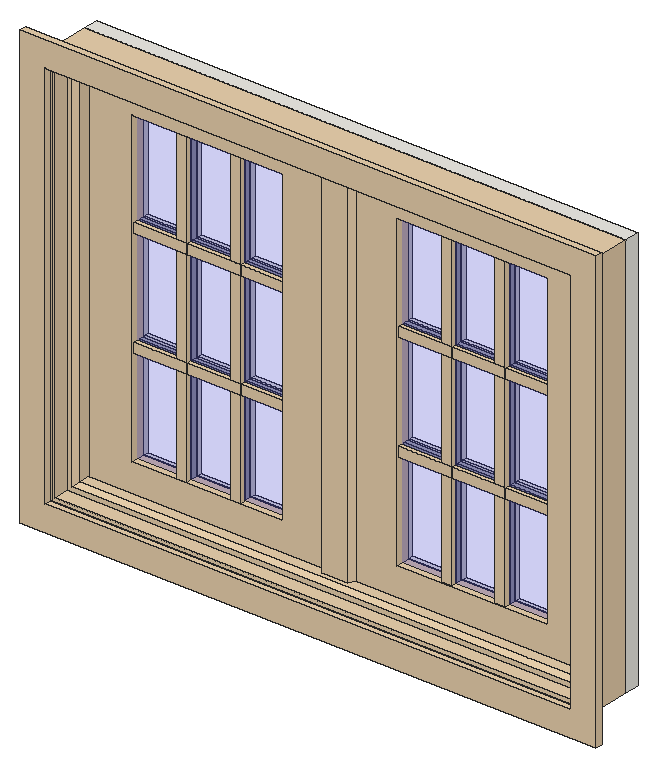
Revit family "Window-Door_Transom-Andersen-400_Series-Double 6", category Windows, host Wall, Revit 2013 (continued)
Dimensions and locks (in)
  aligned and locked: curve 42 to plane 4 "R Frame"
  aligned and locked: plane 50 "Frame S1" to curve 43
  aligned and locked: plane 5 "L Frame" to curve 43
  aligned and locked: Masking region 3 sketch curve to host wall
  aligned and locked: plane 32 "T Xjamb 1" to Extrusion 3 sketch curve
  aligned and locked: plane 34 "T Xjamb 2" to Extrusion 3 sketch curve
  aligned and locked: Extrusion 3 sketch curve to plane 21 "R Xjamb 1"
  aligned and locked: Extrusion 3 sketch curve to plane 23 "R Xjamb 2"
  aligned and locked: plane 11 "L Xjamb 1" to Extrusion 3 sketch curve
  aligned and locked: plane 13 "L Xjamb 2" to Extrusion 3 sketch curve
  aligned and locked: Extrusion 3 sketch curve to plane 59 "B Xjamb 1"
  aligned and locked: Extrusion 3 sketch curve to plane 43 "B Xjamb 2"
  aligned and locked: plane 32 "T Xjamb 1" to Extrusion 4 sketch curve
  aligned and locked: plane 39 "T Int Casing" to Extrusion 4 sketch curve
  aligned and locked: Extrusion 4 sketch curve to plane 21 "R Xjamb 1"
  aligned and locked: Extrusion 4 sketch curve to plane 28 "R Int Casing"
  aligned and locked: plane 11 "L Xjamb 1" to Extrusion 4 sketch curve
  aligned and locked: plane 47 "L Int Casing" to Extrusion 4 sketch curve
  aligned and locked: Extrusion 4 sketch curve to plane 59 "B Xjamb 1"
  aligned and locked: Extrusion 4 sketch curve to plane 46 "B Int Casing"
  aligned and locked: Extrusion 4 to host wall
  aligned and locked: Extrusion 4 to plane 61 "Interior Casing"
  aligned and locked: plane 45 "B Casing 2" to Extrusion 5 sketch curve
  aligned and locked: plane 45 "B Casing 2" to Sweep 6 sketch curve  (x2)
  aligned and locked: plane 17 "L Casing 4" to Sweep 6 sketch curve  (x2)
  aligned and locked: Sweep 6 sketch curve to plane 27 "R Casing 4"
  aligned and locked: plane 38 "T Casing 4" to Sweep 6 sketch curve
  aligned and locked: plane 16 "L Casing 3" to Sweep 6 sketch curve
  aligned and locked: plane 49 "Casing S2" to Sweep 6 sketch curve
  aligned and locked: Sweep 6 sketch curve to plane 48 "Casing S1"
  aligned and locked: plane 51 "Flange" to Sweep 6 sketch curve
  aligned and locked: Sweep 6 sketch curve to plane 12 "L Casing 1"
  aligned and locked: Sweep 6 sketch curve to plane 49 "Casing S2"
  aligned and locked: plane 15 "L Casing 2" to Sweep 6 sketch curve
  aligned and locked: Extrusion 5 to plane 17 "L Casing 4"
  aligned and locked: plane 27 "R Casing 4" to Extrusion 5
  aligned and locked: plane 33 "T Casing 1" to Extrusion 7 sketch curve
  aligned and locked: plane 38 "T Casing 4" to Extrusion 7 sketch curve
  aligned and locked: plane 12 "L Casing 1" to Extrusion 7 sketch curve
  aligned and locked: plane 17 "L Casing 4" to Extrusion 7 sketch curve
  aligned and locked: Extrusion 7 sketch curve to plane 22 "R Casing 1"
  aligned and locked: Extrusion 7 sketch curve to plane 27 "R Casing 4"
  aligned and locked: Extrusion 7 sketch curve to plane 45 "B Casing 2"
  aligned and locked: plane 48 "Casing S1" to Extrusion 7
  aligned and locked: plane 51 "Flange" to Extrusion 7
  aligned and locked: plane 8 "L Glazing" to Extrusion 8 sketch curve
  aligned and locked: plane 29 "T Glazing" to Extrusion 8 sketch curve  (x2)
  aligned and locked: plane 52 "Glass1 S1" to Extrusion 8
  aligned and locked: Extrusion 8 to plane 56 "Sash1 S2"
  aligned and locked: Extrusion 9 sketch curve to plane 8 "L Glazing"
  aligned and locked: Extrusion 9 sketch curve to plane 29 "T Glazing"
  aligned and locked: Extrusion 9 to plane 52 "Glass1 S1"
  aligned and locked: plane 29 "T Glazing" to Extrusion 10 sketch curve  (x2)
  aligned and locked: plane 8 "L Glazing" to Extrusion 10 sketch curve
  aligned and locked: plane 52 "Glass1 S1" to Extrusion 10
  aligned and locked: Extrusion 10 to plane 55 "Glass1 S4"
  aligned and locked: nested 1 to plane 29 "T Glazing"
  aligned and locked: plane 8 "L Glazing" to nested 2
  aligned and locked: nested 3 to plane 29 "T Glazing"
  aligned and locked: plane 8 "L Glazing" to nested 4
  aligned and locked: nested 5 to plane 29 "T Glazing"
  aligned and locked: plane 8 "L Glazing" to nested 6
  aligned and locked: plane 8 "L Glazing" to nested 7
  aligned and locked: Extrusion 5 sketch curve to plane 51 "Flange"
  aligned and locked: host wall to Masking region 11 sketch curve
  aligned and locked: plane 4 "R Frame" to Masking region 11 sketch curve
  aligned and locked: Masking region 11 sketch curve to plane 5 "L Frame"
  aligned and locked: plane 60 "Exterior Offset" to Masking region 11 sketch curve
  aligned and locked: plane 27 "R Casing 4" to Masking region 11 sketch curve
  aligned and locked: Masking region 11 sketch curve to plane 17 "L Casing 4"
  aligned and locked: plane 20 "R Int Frame1" to curve 14
  aligned and locked: curve 19 to plane 20 "R Int Frame1"
  aligned and locked: curve 20 to plane 10 "L Int Frame1"
  aligned and locked: plane 10 "L Int Frame1" to curve 18
  aligned and locked: plane 7 "T Frame" to curve 45
  aligned and locked: curve 45 to plane 51 "Flange"
  aligned and locked: Masking region 12 sketch curve to plane 23 "R Xjamb 2"
  aligned and locked: plane 13 "L Xjamb 2" to Masking region 12 sketch curve
  aligned and locked: host wall to Masking region 13 sketch curve
  aligned and locked: plane 47 "L Int Casing" to Masking region 13 sketch curve
  aligned and locked: plane 61 "Interior Casing" to Masking region 13 sketch curve
  aligned and locked: Masking region 13 sketch curve to plane 28 "R Int Casing"
  aligned and locked: plane 21 "R Xjamb 1" to curve 56
  aligned and locked: host wall to curve 57
  aligned and locked: plane 61 "Interior Casing" to curve 57
  aligned and locked: plane 21 "R Xjamb 1" to curve 57
  aligned and locked: plane 11 "L Xjamb 1" to curve 58
  aligned and locked: host wall to curve 59
  aligned and locked: plane 61 "Interior Casing" to curve 59
  aligned and locked: plane 11 "L Xjamb 1" to curve 59
  aligned and locked: Masking region 14 sketch curve to plane 43 "B Xjamb 2"
  aligned and locked: plane 34 "T Xjamb 2" to Masking region 14 sketch curve
  aligned and locked: host wall to Masking region 15 sketch curve
  aligned and locked: Masking region 15 sketch curve to plane 46 "B Int Casing"
  aligned and locked: plane 61 "Interior Casing" to Masking region 15 sketch curve
  aligned and locked: plane 39 "T Int Casing" to Masking region 15 sketch curve
  aligned and locked: plane 59 "B Xjamb 1" to curve 62
  aligned and locked: host wall to curve 63
  aligned and locked: plane 61 "Interior Casing" to curve 63
  aligned and locked: plane 59 "B Xjamb 1" to curve 63
  aligned and locked: plane 32 "T Xjamb 1" to curve 60
  aligned and locked: host wall to curve 61
  aligned and locked: plane 61 "Interior Casing" to curve 61
  aligned and locked: plane 32 "T Xjamb 1" to curve 61
  aligned and locked: plane 4 "R Frame" to curve 64
  aligned and locked: plane 5 "L Frame" to curve 64
  aligned and locked: host wall to curve 64
  aligned and locked: plane 68 "Xjamb S1" to curve 58
  aligned and locked: plane 68 "Xjamb S1" to curve 56
  aligned and locked: Masking region 12 sketch curve to host wall
  aligned and locked: Masking region 12 sketch curve to plane 68 "Xjamb S1"
  aligned and locked: plane 68 "Xjamb S1" to curve 60
  aligned and locked: plane 68 "Xjamb S1" to curve 62
  aligned and locked: Masking region 14 sketch curve to host wall
  aligned and locked: Masking region 14 sketch curve to plane 68 "Xjamb S1"
  aligned and locked: host wall to Extrusion 3
  aligned and locked: plane 68 "Xjamb S1" to Extrusion 3
  aligned and locked: plane 44 "B Casing 1" to Masking region 5 sketch curve
  aligned and locked: plane 50 "Frame S1" to Extrusion 5 sketch curve
  aligned and locked: plane 44 "B Casing 1" to Extrusion 5 sketch curve
  aligned and locked: Masking region 6 sketch curve to cut or joined group of Extrusion 5, Sweep 6
  aligned and locked: plane 69 "Sash1 S1" to curve 15
  aligned and locked: curve 11 to plane 69 "Sash1 S1"
  aligned and locked: plane 4 "R Frame" to curve 44
  aligned and locked: plane 51 "Flange" to curve 44
  aligned and locked: plane 5 "L Frame" to curve 69
  aligned and locked: curve 69 to plane 51 "Flange"
  aligned and locked: plane 50 "Frame S1" to curve 14
  aligned and locked: plane 50 "Frame S1" to curve 18
  aligned and locked: plane 73 "L Int Frame2" to Extrusion 9 sketch curve
  aligned and locked: Extrusion 9 sketch curve to plane 71 "R Int Frame2"
  aligned and locked: plane 71 "R Int Frame2" to Extrusion 8 sketch curve
  aligned and locked: Extrusion 8 sketch curve to plane 73 "L Int Frame2"
  aligned and locked: Extrusion 11 sketch curve to plane 4 "R Frame"
  aligned and locked: plane 7 "T Frame" to Extrusion 11 sketch curve
  aligned and locked: plane 5 "L Frame" to Extrusion 11 sketch curve
  aligned and locked: Extrusion 11 sketch curve to plane 9 "L Ext Frame1"
  aligned and locked: Extrusion 11 sketch curve to plane 75 "T Ext Frame1"
  aligned and locked: plane 19 "R Ext Frame1" to Extrusion 11 sketch curve
  aligned and locked: plane 50 "Frame S1" to Extrusion 11
  aligned and locked: Extrusion 9 sketch curve to plane 40 "B Glazing"  (x2)
  aligned and locked: plane 40 "B Glazing" to Extrusion 8 sketch curve
  aligned and locked: Extrusion 10 sketch curve to plane 40 "B Glazing"  (x2)
  aligned and locked: plane 75 "T Ext Frame1" to curve 30
  aligned and locked: curve 36 to plane 40 "B Glazing"
  aligned and locked: plane 69 "Sash1 S1" to Extrusion 9
  aligned and locked: plane 6 "B Frame" to curve 153
  aligned and locked: plane 51 "Flange" to curve 153
  aligned and locked: plane 6 "B Frame" to Masking region 4 sketch curve
  aligned and locked: Extrusion 9 sketch curve to plane 42 "B Int Frame2"
  aligned and locked: plane 31 "T Int Frame2" to Extrusion 9 sketch curve
  aligned and locked: Extrusion 8 sketch curve to plane 31 "T Int Frame2"
  aligned and locked: plane 42 "B Int Frame2" to Extrusion 8 sketch curve
  aligned and locked: plane 78 "B Ext Frame1" to Extrusion 11 sketch curve
  aligned and locked: plane 31 "T Int Frame2" to Extrusion 12 sketch curve
  aligned and locked: plane 7 "T Frame" to Extrusion 12 sketch curve
  aligned and locked: plane 73 "L Int Frame2" to Extrusion 12 sketch curve
  aligned and locked: plane 5 "L Frame" to Extrusion 12 sketch curve
  aligned and locked: Extrusion 12 sketch curve to plane 71 "R Int Frame2"
  aligned and locked: Extrusion 12 sketch curve to plane 4 "R Frame"
  aligned and locked: Extrusion 12 sketch curve to plane 42 "B Int Frame2"
  aligned and locked: Extrusion 12 sketch curve to plane 6 "B Frame"
  aligned and locked: plane 69 "Sash1 S1" to Extrusion 12
  aligned and locked: Extrusion 12 to plane 58 "Frame S2"
  aligned and locked: plane 5 "L Frame" to Sweep 13 sketch curve
  aligned and locked: plane 7 "T Frame" to Sweep 13 sketch curve
  aligned and locked: Sweep 13 sketch curve to plane 4 "R Frame"
  aligned and locked: Sweep 13 sketch curve to plane 6 "B Frame"
  aligned and locked: Sweep 13 sketch curve to plane 69 "Sash1 S1"
  aligned and locked: plane 9 "L Ext Frame1" to Sweep 13 sketch curve
  aligned and locked: plane 50 "Frame S1" to Sweep 13 sketch curve
  aligned and locked: Sweep 13 sketch curve to plane 5 "L Frame"
  aligned and locked: plane 70 "Frame S1.1" to Sweep 13 sketch curve
  aligned and locked: Sweep 13 sketch curve to curve 104
  aligned and locked: curve 103 to Sweep 13 sketch curve
  aligned and locked: Extrusion 11 to Sweep 13 sketch curve
  aligned and locked: plane 7 "T Frame" to Sweep 14 sketch curve
  aligned and locked: Sweep 14 sketch curve to plane 4 "R Frame"
  aligned and locked: plane 5 "L Frame" to Sweep 14 sketch curve
  aligned and locked: Sweep 14 sketch curve to plane 6 "B Frame"
  aligned and locked: Sweep 14 sketch curve to curve 110
  aligned and locked: plane 57 "Frame2 S2.1" to Sweep 14 sketch curve  (x2)
  aligned and locked: plane 73 "L Int Frame2" to Sweep 14 sketch curve
  aligned and locked: Sweep 14 sketch curve to plane 56 "Sash1 S2"
  aligned and locked: Sweep 14 sketch curve to plane 10 "L Int Frame1"
  aligned and locked: curve 37 to plane 80 "L Panel R Glazing"
  aligned and locked: plane 80 "L Panel R Glazing" to Extrusion 9 sketch curve
  aligned and locked: plane 29 "T Glazing" to Extrusion 9 sketch curve
  aligned and locked: plane 79 "R Panel L Glazing" to Extrusion 9 sketch curve
  aligned and locked: Extrusion 9 sketch curve to plane 18 "R Glazing"
  aligned and locked: plane 80 "L Panel R Glazing" to Extrusion 8 sketch curve
  aligned and locked: plane 79 "R Panel L Glazing" to Extrusion 8 sketch curve
  aligned and locked: Extrusion 8 sketch curve to plane 18 "R Glazing"
  aligned and locked: nested 8 to plane 29 "T Glazing"
  aligned and locked: plane 79 "R Panel L Glazing" to nested 9
  aligned and locked: plane 79 "R Panel L Glazing" to nested 10
  aligned and locked: plane 79 "R Panel L Glazing" to nested 11
  aligned and locked: plane 79 "R Panel L Glazing" to nested 12
  aligned and locked: Extrusion 10 sketch curve to plane 80 "L Panel R Glazing"
  aligned and locked: plane 79 "R Panel L Glazing" to Extrusion 10 sketch curve
  aligned and locked: Extrusion 10 sketch curve to plane 18 "R Glazing"
  aligned and locked: plane 69 "Sash1 S1" to curve 183
  aligned and locked: plane 79 "R Panel L Glazing" to curve 9
  aligned and locked: plane 80 "L Panel R Glazing" to curve 233
  aligned and locked: plane 8 "L Glazing" to curve 236
  aligned and locked: plane 8 "L Glazing" to curve 235
  aligned and locked: curve 236 to plane 55 "Glass1 S4"
  aligned and locked: curve 235 to plane 54 "Glass1 S3"
  aligned and locked: curve 234 to plane 53 "Glass1 S2"
  aligned and locked: curve 233 to plane 52 "Glass1 S1"
  aligned and locked: Extrusion 15 sketch curve to curve 188
  aligned and locked: Extrusion 15 sketch curve to curve 202
  aligned and locked: Sweep 14 to Extrusion 15 sketch curve
  aligned and locked: Extrusion 15 sketch curve to curve 189
  aligned and locked: curve 182 to Extrusion 16 sketch curve
  aligned and locked: Extrusion 16 sketch curve to curve 198
  aligned and locked: Extrusion 16 sketch curve to curve 176
  aligned and locked: Extrusion 16 sketch curve to plane 69 "Sash1 S1"
  aligned and locked: Extrusion 16 sketch curve to curve 177
  aligned and locked: Extrusion 16 sketch curve to curve 193
  aligned and locked: Extrusion 16 to plane 75 "T Ext Frame1"
  aligned and locked: plane 78 "B Ext Frame1" to Extrusion 16
  aligned and locked: plane 79 "R Panel L Glazing" to curve 238
  aligned and locked: plane 80 "L Panel R Glazing" to curve 237
  aligned and locked: curve 240 to plane 56 "Sash1 S2"
  aligned and locked: curve 239 to plane 69 "Sash1 S1"
  aligned and locked: plane 56 "Sash1 S2" to curve 241
  aligned and locked: plane 69 "Sash1 S1" to curve 241
  aligned and locked: Extrusion 11 to plane 69 "Sash1 S1"
  aligned and locked: Extrusion 15 to plane 76 "T Int Frame1"
  aligned and locked: plane 77 "B Int Frame1" to Extrusion 15
  aligned and locked: plane 79 "R Panel L Glazing" to curve 247
  aligned and locked: curve 248 to plane 40 "B Glazing"
  aligned and locked: curve 249 to plane 18 "R Glazing"
  aligned and locked: plane 29 "T Glazing" to curve 246
  aligned and locked: plane 75 "T Ext Frame1" to curve 250
  aligned and locked: plane 75 "T Ext Frame1" to curve 251
  aligned and locked: plane 84 "R Astragal" to curve 251
  aligned and locked: plane 83 "L Astragal" to curve 250
  aligned and locked: curve 32 to plane 78 "B Ext Frame1"
  aligned and locked: plane 78 "B Ext Frame1" to curve 251
  aligned and locked: plane 78 "B Ext Frame1" to curve 250
  aligned and locked: plane 37 "T Casing 3" to curve 23
  aligned and locked: plane 48 "Casing S1" to curve 23
  aligned and locked: plane 49 "Casing S2" to curve 23
  aligned and locked: plane 36 "T Casing 2" to curve 24
  aligned and locked: curve 5 to plane 49 "Casing S2"
  aligned and locked: plane 48 "Casing S1" to curve 42
  aligned and locked: plane 48 "Casing S1" to curve 43
  aligned and locked: Extrusion 8 sketch curve to plane 40 "B Glazing"
  aligned and locked: nested 13 to plane 29 "T Glazing"
  aligned and locked: nested 14 to plane 29 "T Glazing"
Automatic sketch dimensions
  curve 44 to curve 44 = 0' - 1 1/2"  (x2)
  curve 45 to curve 45 = 0' - 1 1/2"
  curve 46 to curve 46 = 0' - 1 1/2"
  curve 49 to curve 47 = 0' - 0.1105"  (x2)
  curve 65 to curve 65 = 0' - 1 1/2"
  curve 69 to curve 69 = 0' - 1 1/2"
  curve 74 to curve 83 = 0' - 0.358"
  curve 75 to curve 75 = 0' - 0.32099"
  curve 75 to curve 84 = 0' - 0.41231"
  curve 76 to curve 85 = 0' - 0 3/4"
  curve 77 to curve 78 = 0' - 0.062"
  curve 77 to curve 78 = 0' - 0.49469"
  curve 86 to curve 80 = 0' - 1.019"
  curve 79 to curve 80 = 0' - 0.512"
  curve 73 to curve 73 = 0' - 0.955"
  curve 76 to curve 47 = 0' - 0 1/8"
  curve 48 to curve 85 = 0' - 0 1/8"
  curve 81 to curve 81 = 0' - 1.312"
  curve 73 to curve 87 = 0' - 0.06957"
  curve 81 to curve 80 = 0' - 0.4"
  curve 80 to curve 80 = 0' - 0.299"
  curve 73 to curve 74 = 0' - 0.96922"
  curve 74 to curve 83 = 0' - 0.20149"
  curve 74 to curve 118 = 0' - 2.57036"
  curve 118 to curve 78 = 0' - 0.62657"
  curve 84 to curve 75 = 0' - 0.74531"
  curve 78 to curve 77 = 0' - 0.24843"
  curve 75 to curve 84 = 0' - 0.12969"
  curve 73 to curve 73 = 0' - 0.23762"
  curve 49 to curve 76 = 0' - 0 1/8"
  curve 49 to curve 48 = 0' - 0.1105"
  curve 89 to curve 98 = 0' - 0.358"
  curve 90 to curve 90 = 0' - 0.32099"
  curve 90 to curve 99 = 0' - 0.41231"
  curve 91 to curve 100 = 0' - 0 3/4"
  curve 92 to curve 93 = 0' - 0.062"
  curve 92 to curve 93 = 0' - 0.49469"
  curve 101 to curve 95 = 0' - 1.019"
  curve 94 to curve 95 = 0' - 0.512"
  curve 88 to curve 88 = 0' - 0.955"
  curve 91 to curve 66 = 0' - 0 1/8"
  curve 67 to curve 100 = 0' - 0 1/8"
  curve 96 to curve 96 = 0' - 1.312"
  curve 88 to curve 102 = 0' - 0.06957"
  curve 96 to curve 95 = 0' - 0.4"
  curve 95 to curve 95 = 0' - 0.299"
  curve 88 to curve 89 = 0' - 0.96922"
  curve 89 to curve 98 = 0' - 0.20149"
  curve 89 to curve 119 = 0' - 2.57036"
  curve 119 to curve 93 = 0' - 0.62657"
  curve 99 to curve 90 = 0' - 0.74531"
  curve 93 to curve 92 = 0' - 0.24843"
  curve 90 to curve 99 = 0' - 0.12969"
  curve 88 to curve 88 = 0' - 0.23762"
  curve 68 to curve 91 = 0' - 0 1/8"
  curve 68 to curve 66 = 0' - 0.1105"
  curve 68 to curve 67 = 0' - 0.1105"
  curve 113 to curve 104 = 0' - 0.358"
  curve 105 to curve 105 = 0' - 0.32099"
  curve 114 to curve 105 = 0' - 0.41231"
  curve 115 to curve 106 = 0' - 0 3/4"
  curve 108 to curve 107 = 0' - 0.062"
  curve 108 to curve 107 = 0' - 0.49469"
  curve 110 to curve 116 = 0' - 1.019"
  curve 110 to curve 109 = 0' - 0.512"
  curve 103 to curve 103 = 0' - 0.955"
  curve 70 to curve 106 = 0' - 0 1/8"
  curve 115 to curve 71 = 0' - 0 1/8"
  curve 111 to curve 111 = 0' - 1.312"
  curve 103 to curve 117 = 0' - 0.06957"
  curve 111 to curve 110 = 0' - 0.4"
  curve 110 to curve 110 = 0' - 0.299"
  curve 103 to curve 104 = 0' - 0.96922"
  curve 104 to curve 113 = 0' - 0.20149"
  curve 104 to curve 120 = 0' - 2.57036"
  curve 120 to curve 108 = 0' - 0.62657"
  curve 114 to curve 105 = 0' - 0.74531"
  curve 108 to curve 107 = 0' - 0.24843"
  curve 105 to curve 114 = 0' - 0.12969"
  curve 103 to curve 103 = 0' - 0.23762"
  curve 72 to curve 106 = 0' - 0 1/8"
  curve 72 to curve 70 = 0' - 0.1105"
  curve 72 to curve 71 = 0' - 0.1105"
  curve 153 to curve 153 = 0' - 1 1/2"
  curve 127 to curve 126 = 0' - 0.512"
  curve 126 to curve 139 = 0' - 1.019"
  curve 125 to curve 125 = 0' - 0.49419"
  curve 124 to curve 124 = 0' - 0 1/16"
  curve 138 to curve 143 = 0' - 0 3/4"
  curve 123 to curve 123 = 0' - 0.09132"
  curve 137 to curve 122 = 0' - 0.41231"
  curve 122 to curve 135 = 0' - 0.358"
  curve 141 to curve 140 = 0' - 1.312"
  curve 124 to curve 52 = 0' - 0 1/8"
  curve 52 to curve 123 = 0' - 0 1/8"
  curve 121 to curve 121 = 0' - 0.955"
  curve 124 to curve 123 = 0' - 0"
  curve 123 to curve 142 = 0' - 0.13117"
  curve 124 to curve 139 = 0' - 0.2518"
  curve 136 to curve 143 = 0' - 0.74383"
  curve 137 to curve 136 = 0' - 1.19336"
  curve 122 to curve 135 = 0' - 0.20348"
  curve 143 to curve 126 = 0' - 1.5975"
  curve 126 to curve 140 = 0' - 0.299"
  curve 127 to curve 140 = 0' - 0.4"
  curve 122 to curve 121 = 0' - 0.96922"
  curve 124 to curve 51 = 0' - 0"
  curve 50 to curve 123 = 0' - 0"
  curve 51 to curve 52 = 0' - 0 1/8"
  curve 121 to curve 121 = 0' - 0.23811"
  curve 134 to curve 133 = 0' - 0.512"
  curve 133 to curve 148 = 0' - 1.019"
  curve 132 to curve 132 = 0' - 0.49419"
  curve 131 to curve 131 = 0' - 0 1/16"
  curve 147 to curve 152 = 0' - 0 3/4"
  curve 130 to curve 130 = 0' - 0.09132"
  curve 146 to curve 129 = 0' - 0.41231"
  curve 129 to curve 144 = 0' - 0.358"
  curve 150 to curve 149 = 0' - 1.312"
  curve 131 to curve 55 = 0' - 0 1/8"
  curve 55 to curve 130 = 0' - 0 1/8"
  curve 128 to curve 128 = 0' - 0.955"
  curve 131 to curve 130 = 0' - 0"
  curve 130 to curve 151 = 0' - 0.13117"
  curve 131 to curve 148 = 0' - 0.2518"
  curve 145 to curve 152 = 0' - 0.74383"
  curve 146 to curve 145 = 0' - 1.19336"
  curve 129 to curve 144 = 0' - 0.20348"
  curve 152 to curve 133 = 0' - 1.5975"
  curve 133 to curve 149 = 0' - 0.299"
  curve 134 to curve 149 = 0' - 0.4"
  curve 129 to curve 128 = 0' - 0.96922"
  curve 131 to curve 54 = 0' - 0"
  curve 53 to curve 130 = 0' - 0"
  curve 54 to curve 55 = 0' - 0 1/8"
  curve 128 to curve 128 = 0' - 0.23811"
  curve 163 to curve 162 = 0' - 0.512"
  curve 162 to curve 168 = 0' - 1.019"
  curve 161 to curve 161 = 0' - 0.49419"
  curve 160 to curve 160 = 0' - 0 1/16"
  curve 167 to curve 172 = 0' - 0 3/4"
  curve 159 to curve 159 = 0' - 0.09132"
  curve 166 to curve 158 = 0' - 0.41231"
  curve 158 to curve 164 = 0' - 0.358"
  curve 170 to curve 169 = 0' - 1.312"
  curve 160 to curve 156 = 0' - 0 1/8"
  curve 156 to curve 159 = 0' - 0 1/8"
  curve 157 to curve 157 = 0' - 0.955"
  curve 160 to curve 159 = 0' - 0"
  curve 171 to curve 159 = 0' - 0.13117"
  curve 168 to curve 160 = 0' - 0.2518"
  curve 172 to curve 165 = 0' - 0.74383"
  curve 165 to curve 166 = 0' - 1.19336"
  curve 164 to curve 158 = 0' - 0.20348"
  curve 162 to curve 172 = 0' - 1.5975"
  curve 169 to curve 162 = 0' - 0.299"
  curve 169 to curve 163 = 0' - 0.4"
  curve 157 to curve 158 = 0' - 0.96922"
  curve 160 to curve 155 = 0' - 0"
  curve 154 to curve 159 = 0' - 0"
  curve 156 to curve 155 = 0' - 0 1/8"
  curve 157 to curve 157 = 0' - 0.23811"
  plane 6 "B Frame" to Masking region 5 sketch curve = 0' - 0"
  Masking region 8 sketch curve to plane 6 "B Frame" = 0' - 0"
  plane 6 "B Frame" to Extrusion 5 sketch curve = 0' - 0"
  Extrusion 7 sketch curve to plane 6 "B Frame" = 0' - 0"
  Extrusion 11 sketch curve to plane 6 "B Frame" = 0' - 0"
  curve 183 to curve 177 = 0' - 0.17758"
  curve 178 to curve 178 = 0' - 0.34619"
  curve 184 to curve 178 = 0' - 0.85176"  (x2)
  curve 185 to curve 179 = 0' - 0 3/4"
  curve 181 to curve 180 = 0' - 0.062"
  curve 181 to curve 180 = 0' - 0.55357"  (x2)
  curve 176 to curve 176 = 0' - 1.11594"  (x3)
  curve 173 to curve 179 = 0' - 0.12584"
  curve 185 to curve 174 = 0' - 0 1/8"
  curve 176 to curve 177 = 0' - 1.03802"
  curve 177 to curve 183 = 0' - 0.17758"
  curve 177 to curve 187 = 0' - 2.60322"
  curve 187 to curve 181 = 0' - 0.62657"
  curve 178 to curve 184 = 0' - 0.43222"
  curve 175 to curve 179 = 0' - 0.17678"
  curve 175 to curve 173 = 0' - 0.1105"
  curve 175 to curve 174 = 0' - 0.1105"
  curve 176 to curve 193 = 0' - 0.14446"
  curve 176 to curve 182 = 0' - 0.14446"
  curve 177 to curve 177 = 0' - 0.17758"
  curve 193 to curve 243 = 0' - 0.17758"
  curve 178 to curve 179 = 0' - 0.32099"
  curve 194 to curve 194 = 0' - 0.32099"
  curve 194 to curve 195 = 0' - 0.09132"
  curve 178 to curve 179 = 0' - 0.09132"
  curve 179 to curve 185 = 0' - 0 3/4"
  curve 195 to curve 200 = 0' - 0 3/4"
  curve 180 to curve 181 = 0' - 0.062"
  curve 196 to curve 197 = 0' - 0.062"
  curve 177 to curve 188 = 0' - 1.719"
  curve 196 to curve 197 = 0' - 0.49469"
  curve 202 to curve 189 = 0' - 0.55669"
  curve 184 to curve 173 = 0' - 0 1/8"
  curve 195 to curve 192 = 0' - 0 1/8"
  curve 174 to curve 185 = 0' - 0 1/8"
  curve 192 to curve 196 = 0' - 0 1/8"
  curve 179 to curve 180 = 0' - 0"
  curve 178 to curve 183 = 0' - 0.12969"
  curve 180 to curve 186 = 0' - 0.24843"
  curve 178 to curve 187 = 0' - 0.74531"
  curve 184 to curve 182 = 0' - 2.57036"
  curve 177 to curve 188 = 0' - 0.13793"
  curve 186 to curve 188 = 0' - 0.27957"
  curve 177 to curve 176 = 0' - 1.02792"
  curve 188 to curve 202 = 0' - 2.33678"
  curve 189 to curve 242 = 0' - 0.27957"
  curve 176 to curve 193 = 0' - 1.02792"
  curve 243 to curve 199 = 0' - 2.57036"
  curve 201 to curve 242 = 0' - 0.62657"
  curve 199 to curve 194 = 0' - 0.74531"
  curve 197 to curve 196 = 0' - 0.24843"
  curve 194 to curve 199 = 0' - 0.12969"
  curve 180 to curve 174 = 0' - 0.0145"
  curve 179 to curve 173 = 0' - 0.0145"
  curve 174 to curve 175 = 0' - 0.1105"
  curve 192 to curve 195 = 0' - 0 1/8"
  curve 192 to curve 190 = 0' - 0.1105"
  curve 192 to curve 191 = 0' - 0.1105"
  curve 206 to curve 223 = 0' - 0.14446"
  curve 206 to curve 212 = 0' - 0.14446"
  curve 207 to curve 207 = 0' - 0.17758"
  curve 223 to curve 245 = 0' - 0.17758"
  curve 208 to curve 209 = 0' - 0.32099"
  curve 224 to curve 224 = 0' - 0.32099"
  curve 224 to curve 225 = 0' - 0.09132"
  curve 208 to curve 209 = 0' - 0.09132"
  curve 209 to curve 215 = 0' - 0 3/4"
  curve 225 to curve 230 = 0' - 0 3/4"
  curve 210 to curve 211 = 0' - 0.062"
  curve 226 to curve 227 = 0' - 0.062"
  curve 207 to curve 218 = 0' - 1.719"
  curve 226 to curve 227 = 0' - 0.49469"
  curve 232 to curve 219 = 0' - 0.55669"
  curve 214 to curve 203 = 0' - 0 1/8"
  curve 225 to curve 222 = 0' - 0 1/8"
  curve 204 to curve 215 = 0' - 0 1/8"
  curve 222 to curve 226 = 0' - 0 1/8"
  curve 209 to curve 210 = 0' - 0"
  curve 208 to curve 213 = 0' - 0.12969"
  curve 210 to curve 216 = 0' - 0.24843"
  curve 208 to curve 217 = 0' - 0.74531"
  curve 214 to curve 212 = 0' - 2.57036"
  curve 207 to curve 218 = 0' - 0.13793"
  curve 216 to curve 218 = 0' - 0.27957"
  curve 207 to curve 206 = 0' - 1.02792"
  curve 206 to curve 206 = 0' - 1.11594"
  curve 218 to curve 232 = 0' - 2.33678"
  curve 219 to curve 244 = 0' - 0.27957"
  curve 206 to curve 223 = 0' - 1.02792"
  curve 245 to curve 229 = 0' - 2.57036"
  curve 231 to curve 244 = 0' - 0.62657"
  curve 229 to curve 224 = 0' - 0.74531"
  curve 227 to curve 226 = 0' - 0.24843"
  curve 224 to curve 229 = 0' - 0.12969"
  curve 210 to curve 204 = 0' - 0.0145"
  curve 209 to curve 203 = 0' - 0.0145"
  curve 204 to curve 205 = 0' - 0.1105"
  curve 222 to curve 225 = 0' - 0 1/8"
  curve 222 to curve 220 = 0' - 0.1105"
  curve 222 to curve 221 = 0' - 0.1105"
  plane 40 "B Glazing" to curve 26 = 0' - 0"
  plane 40 "B Glazing" to curve 27 = 0' - 0"
  plane 40 "B Glazing" to curve 29 = 0' - 0"
  plane 40 "B Glazing" to curve 28 = 0' - 0"
  host wall to curve 20 = 0' - 0"
  curve 241 to plane 3 "Center (Left/Right)" = 0' - 0"
Nested families (in)
  nested 1: "Andersen Grille Bar" at (11.73438, 1.21219, 64.5) x (-1, 0, 0) z (0, 1, 0), Center Line <- "Bar Center Line", Bar Length <- "TS V Bar Length", Bar Width <- "Grille Bar Size", visible <- "TS S V", type "Andersen Grille Bar"
    with Glass / 2 0' - 0 7/32", Glass 0' - 0 13/16", Center Line Length 2' - 3 5/8", Center Line 2, Bar Width 0' - 0 7/8", Bar Length 2' - 3 5/8"
  nested 2: "Andersen Grille Bar" at (11.73437, 1.21219, 64.5) x (0, 0, -1) z (0, 1, 0), Bar Length <- "H DLO", visible <- "TS S H", Bar Width <- "Grille Bar Size", type "Andersen Grille Bar"
    with Glass / 2 0' - 0 7/32", Glass 0' - 0 13/16", Center Line Length 1' - 1 13/32", Center Line 2, Bar Width 0' - 0 7/8", Bar Length 1' - 1 13/32"
  nested 3: "Andersen Grille Bar" at (14.11458, 1.21219, 64.5) x (-1, 0, 0) z (0, 1, 0), Center Line <- "Bar Center Line", Bar Length <- "TS V Bar Length", Bar Width <- "Grille Bar Size", visible <- "TS M V", type "Andersen Grille Bar"
    with Glass / 2 0' - 0 7/32", Glass 0' - 0 13/16", Center Line Length 2' - 3 5/8", Center Line 2, Bar Width 0' - 0 7/8", Bar Length 2' - 3 5/8"
  nested 4: "Andersen Grille Bar" at (11.73437, 1.21219, 59.75) x (0, 0, -1) z (0, 1, 0), Center Line <- "Bar Center Line", Bar Length <- "H DLO", visible <- "TS M H", Bar Width <- "Grille Bar Size", type "Andersen Grille Bar"
    with Glass / 2 0' - 0 7/32", Glass 0' - 0 13/16", Center Line Length 1' - 1 13/32", Center Line 2, Bar Width 0' - 0 7/8", Bar Length 1' - 1 13/32"
  nested 5: "Andersen Grille Bar" at (9.35417, 1.21219, 64.5) x (-1, 0, 0) z (0, 1, 0), Center Line <- "Bar Center Line", Bar Length <- "TS V Bar Length", Bar Width <- "Grille Bar Size", visible <- "TS M V", type "Andersen Grille Bar"
    with Glass / 2 0' - 0 7/32", Glass 0' - 0 13/16", Center Line Length 2' - 3 5/8", Center Line 2, Bar Width 0' - 0 7/8", Bar Length 2' - 3 5/8"
  nested 6: "Andersen Grille Bar" at (11.73437, 1.21219, 69.25) x (0, 0, -1) z (0, 1, 0), Center Line <- "Bar Center Line", Bar Length <- "H DLO", visible <- "TS M H", Bar Width <- "Grille Bar Size", type "Andersen Grille Bar"
    with Glass / 2 0' - 0 7/32", Glass 0' - 0 13/16", Center Line Length 1' - 1 13/32", Center Line 2, Bar Width 0' - 0 7/8", Bar Length 1' - 1 13/32"
  nested 7: "Andersen Grille Bar" at (11.73437, 1.21219, 64.5) x (0, 0, -1) z (0, 1, 0), Bar Length <- "H DLO", visible <- "TS S H Craftsman", Bar Width <- "Grille Bar Size", type "Andersen Grille Bar"
    with Glass / 2 0' - 0 7/32", Glass 0' - 0 13/16", Center Line Length 1' - 1 13/32", Center Line 2, Bar Width 0' - 0 7/8", Bar Length 1' - 1 13/32"
  nested 8: "Andersen Grille Bar" at (-9.35417, 1.21219, 64.5) x (-1, 0, 0) z (0, 1, 0), Center Line <- "Bar Center Line", Bar Length <- "TS V Bar Length", Bar Width <- "Grille Bar Size", visible <- "TS M V", type "Andersen Grille Bar"
    with Glass / 2 0' - 0 7/32", Glass 0' - 0 13/16", Center Line Length 2' - 3 5/8", Center Line 2, Bar Width 0' - 0 7/8", Bar Length 2' - 3 5/8"
  nested 9: "Andersen Grille Bar" at (-11.73438, 1.21219, 69.25) x (0, 0, -1) z (0, 1, 0), Center Line <- "Bar Center Line", Bar Length <- "H DLO", visible <- "TS M H", Bar Width <- "Grille Bar Size", type "Andersen Grille Bar"
    with Glass / 2 0' - 0 7/32", Glass 0' - 0 13/16", Center Line Length 1' - 1 13/32", Center Line 2, Bar Width 0' - 0 7/8", Bar Length 1' - 1 13/32"
  nested 10: "Andersen Grille Bar" at (-11.73438, 1.21219, 59.75) x (0, 0, -1) z (0, 1, 0), Center Line <- "Bar Center Line", Bar Length <- "H DLO", visible <- "TS M H", Bar Width <- "Grille Bar Size", type "Andersen Grille Bar"
    with Glass / 2 0' - 0 7/32", Glass 0' - 0 13/16", Center Line Length 1' - 1 13/32", Center Line 2, Bar Width 0' - 0 7/8", Bar Length 1' - 1 13/32"
  nested 11: "Andersen Grille Bar" at (-11.73438, 1.21219, 64.5) x (0, 0, -1) z (0, 1, 0), Bar Length <- "H DLO", visible <- "TS S H", Bar Width <- "Grille Bar Size", type "Andersen Grille Bar"
    with Glass / 2 0' - 0 7/32", Glass 0' - 0 13/16", Center Line Length 1' - 1 13/32", Center Line 2, Bar Width 0' - 0 7/8", Bar Length 1' - 1 13/32"
  nested 12: "Andersen Grille Bar" at (-11.73438, 1.21219, 64.5) x (0, 0, -1) z (0, 1, 0), Bar Length <- "H DLO", visible <- "TS S H Craftsman", Bar Width <- "Grille Bar Size", type "Andersen Grille Bar"
    with Glass / 2 0' - 0 7/32", Glass 0' - 0 13/16", Center Line Length 1' - 1 13/32", Center Line 2, Bar Width 0' - 0 7/8", Bar Length 1' - 1 13/32"
  nested 13: "Andersen Grille Bar" at (-11.73437, 1.21219, 64.5) x (-1, 0, 0) z (0, 1, 0), Center Line <- "Bar Center Line", Bar Length <- "TS V Bar Length", Bar Width <- "Grille Bar Size", visible <- "TS S V", type "Andersen Grille Bar"
    with Glass / 2 0' - 0 7/32", Glass 0' - 0 13/16", Center Line Length 2' - 3 5/8", Center Line 2, Bar Width 0' - 0 7/8", Bar Length 2' - 3 5/8"
  nested 14: "Andersen Grille Bar" at (-14.11458, 1.21219, 64.5) x (-1, 0, 0) z (0, 1, 0), Center Line <- "Bar Center Line", Bar Length <- "TS V Bar Length", Bar Width <- "Grille Bar Size", visible <- "TS M V", type "Andersen Grille Bar"
    with Glass / 2 0' - 0 7/32", Glass 0' - 0 13/16", Center Line Length 2' - 3 5/8", Center Line 2, Bar Width 0' - 0 7/8", Bar Length 2' - 3 5/8"
Definition of nested family "Andersen Grille Bar"
  Parameters (values of type "Andersen Grille Bar")
    Interior Bar Visibility = yes
    Interior Bar Material = none
    Glass / 2 [instance] = (Glass / 2) - 0' 0 3/16"  # 0' - 0 7/32"
    Glass [instance] = 0' - 0 13/16"
    Exterior Bar Visibility = yes
    Exterior Bar Finish = none
    Default Elevation = 4' - 0"
    Center Line Length [instance] = if(Center Line = 1, Bar Length + (Bar Width / 2), Bar Length)  # 0' - 4 7/16"
    Center Line [instance] = 1
    Between Glass Bar Visibility = yes
    Between Glass Bar Finish = none
    Bar Width [instance] = 0' - 0 7/8"
    Bar Length [instance] = 0' - 4"
  Reference planes (in)
    plane 1 "Center (Front/Back)": y = 0
    plane 2 "a": z = 0
    plane 3 "Center (Left/Right)": x = 0
    plane 4 "1": x = -0.4375
    plane 5 "2": x = 0.4375
    plane 6: y = 2
    plane 7: y = -2
    plane 8 "b": z = -0.8125
    plane 9: z = -0.21875
    plane 10: y = -2.4375
    plane 11 "a1": z = 12
    plane 12 "a2": z = -12
  Forms (in)
    Extrusion 1, solid
      sketch origin (0, 0, 0) x (1, 0, 0) y (0, 1, 0)
        loop
          line (-48, 48) -> (-48, -48) -> (48, -48) -> (48, 48) -> (-48, 48)
      from 0 to -12
    Extrusion 2, solid, material <- "Exterior Bar Finish", visible <- "Exterior Bar Visibility", detail levels fine
      sketch origin (0, 0, 0) x (1, 0, 0) y (0, 1, 0)
        loop
          line (-0.4375, 2) -> (-0.4375, -2) -> (0.4375, -2) -> (0.4375, 2) -> (-0.4375, 2)
      from 0 to 0.375
    Extrusion 3, solid, material <- "Between Glass Bar Finish", visible <- "Between Glass Bar Visibility", detail levels fine
      sketch origin (0, 0, 0) x (1, 0, 0) y (0, 1, 0)
        loop
          line (-0.4375, 2) -> (-0.4375, -2) -> (0.4375, -2) -> (0.4375, 2) -> (-0.4375, 2)
      from -0.59375 to -0.21875
    Extrusion 4, solid, material <- "Interior Bar Material", visible <- "Interior Bar Visibility", detail levels fine
      sketch origin (0, 0, 0) x (1, 0, 0) y (0, 1, 0)
        loop
          line (-0.4375, 2) -> (-0.4375, -2) -> (0.4375, -2) -> (0.4375, 2) -> (-0.4375, 2)
      from -1.1875 to -0.8125
  Lines and regions (in)
    model lines, style "GenericModel", detail levels coarse+medium
      curve 1: line (0, 2, 0) -> (0, -2.4375, 0)
    symbolic lines, style "GenericModel", detail levels coarse+medium
      curve 2: line (0, 2, 12) -> (0, -2.4375, 12)
      curve 3: line (0, 2, -12) -> (0, -2.4375, -12)
    model lines, style "InvisibleLines", not visible, detail levels coarse
      curve 4: line (0, 0, 12) -> (0, 0, -12)
    symbolic lines, detail levels fine
      curve 5: line (-0.4375, 2, 0) -> (-0.4375, -2, 0)
      curve 6: line (0.4375, 2, 0) -> (0.4375, -2, 0)
  Dimensions and locks (in)
    "Glass": plane 2 "a" to plane 8 "b"
    "Glass / 2": plane 2 "a" to plane 9
    locked: Extrusion 2 to Extrusion 2 at 0.375
    locked: plane 9 to Extrusion 3 at 0.375
    locked: plane 8 "b" to Extrusion 4 at 0.375
    equal spacing: plane 4 "1", plane 3 "Center (Left/Right)", plane 5 "2"
    equal spacing: plane 6, plane 1 "Center (Front/Back)", plane 7
    "Bar Width": plane 4 "1" to plane 5 "2"
    "Bar Length": plane 6 to plane 7
    "Center Line Length": plane 6 to plane 10
    locked: plane 11 "a1" to plane 2 "a" at 12
    locked: plane 2 "a" to plane 12 "a2" at 12
    aligned and locked: plane 2 "a" to Extrusion 1
    aligned and locked: level to Extrusion 1
    aligned and locked: Extrusion 2 to plane 2 "a"
    aligned and locked: Extrusion 2 to plane 4 "1"
    aligned and locked: plane 5 "2" to Extrusion 2
    aligned and locked: plane 6 to Extrusion 2
    aligned and locked: Extrusion 2 to plane 7
    aligned and locked: plane 9 to Extrusion 3
    aligned and locked: Extrusion 3 to plane 4 "1"
    aligned and locked: plane 5 "2" to Extrusion 3
    aligned and locked: plane 6 to Extrusion 3
    aligned and locked: Extrusion 3 to plane 7
    aligned and locked: plane 8 "b" to Extrusion 4
    aligned and locked: Extrusion 4 to plane 4 "1"
    aligned and locked: plane 5 "2" to Extrusion 4
    aligned and locked: plane 6 to Extrusion 4
    aligned and locked: Extrusion 4 to plane 7
    aligned and locked: plane 6 to curve 1
    aligned and locked: plane 10 to curve 1
    aligned and locked: curve 1 to plane 3 "Center (Left/Right)"
    aligned and locked: plane 6 to curve 2
    aligned and locked: plane 10 to curve 2
    aligned and locked: curve 2 to plane 3 "Center (Left/Right)"
    aligned and locked: plane 6 to curve 3
    aligned and locked: plane 10 to curve 3
    aligned and locked: curve 3 to plane 3 "Center (Left/Right)"
    aligned and locked: plane 11 "a1" to curve 4
    aligned and locked: plane 12 "a2" to curve 4
    aligned and locked: curve 4 to plane 1 "Center (Front/Back)"
    aligned and locked: plane 6 to curve 5
    aligned and locked: plane 6 to curve 6
    aligned and locked: plane 7 to curve 6
    aligned and locked: plane 7 to curve 5
    aligned and locked: curve 5 to plane 4 "1"
    aligned and locked: curve 6 to plane 5 "2"
  Automatic sketch dimensions
    Extrusion 1 sketch curve to Extrusion 1 sketch curve = 8' - 0"  (x2)
    plane 7 to Extrusion 2 sketch curve = 0' - 0"
    Extrusion 2 sketch curve to plane 5 "2" = 0' - 0 7/8"
    Extrusion 2 sketch curve to plane 6 = 0' - 0"
    Extrusion 2 sketch curve to Extrusion 2 sketch curve = 0' - 0 7/8"
    plane 7 to Extrusion 3 sketch curve = 0' - 0"
    Extrusion 3 sketch curve to plane 5 "2" = 0' - 0 7/8"
    Extrusion 3 sketch curve to plane 6 = 0' - 0"
    Extrusion 3 sketch curve to Extrusion 3 sketch curve = 0' - 0 7/8"
    Extrusion 4 sketch curve to plane 7 = 0' - 0"
    Extrusion 4 sketch curve to plane 5 "2" = 0' - 0 7/8"
    Extrusion 4 sketch curve to plane 6 = 0' - 0"
    Extrusion 4 sketch curve to Extrusion 4 sketch curve = 0' - 0 7/8"
